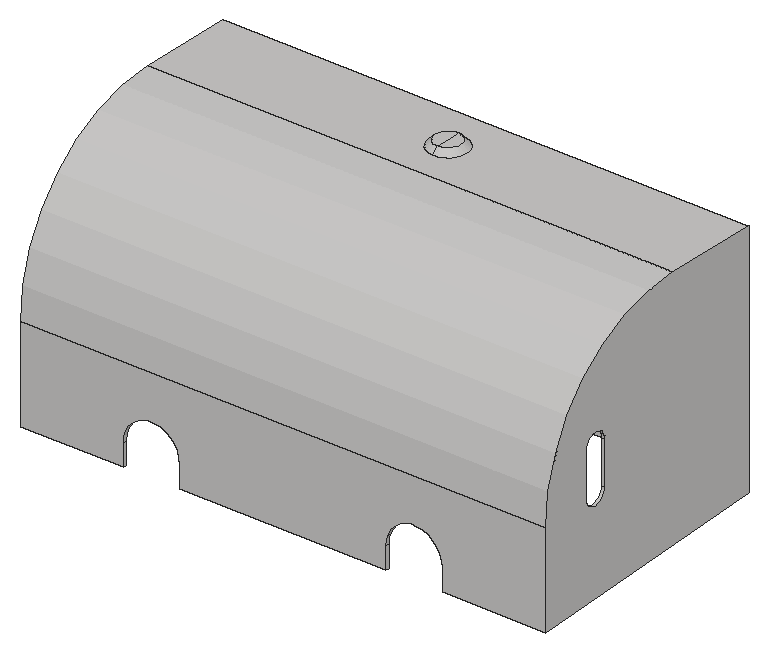
Revit family "Toilet Roll Dispenser_Metlam_Double_Cabinet_Arc", category Specialty Equipment, Revit 2016
Family settings
  Part Type = Normal
  Round Connector Dimension = Use Diameter
  OmniClass Number = 23.40.20.21.21
  OmniClass Title = Toilet Paper Dispensers
  Work Plane-Based = No
  Always vertical = Yes
  Cut with Voids When Loaded = No
  Shared = No
  Room Calculation Point = Yes
Parameters (values of type "280w x 135d x 135h (ML835_TRH)")
  URL = "http://www.metlam.com.au/"
  Type Comments = "Toilet Roll Dispensers"  # constant formula
  Model = "ML835_TRH"
  Material_ANZRS = z_Metlam_Metal_Stainless Steel_Satin
  Manufacturer_URL__Product Specific = "https://www.metlam.com.au/product/content/toilet-roll-dispensers/ML835_TRH"
  Manufacturer_Spec Code = Model  # "ML835_TRH"
  Manufacturer_Overall Width = 280 mm  # constant formula
  Manufacturer_Overall Height = 135 mm  # constant formula
  Manufacturer_Overall Depth = 135 mm  # constant formula
  Manufacturer_Height From FFL [instance] = 585 mm
  Manufacturer = "Metlam"  # constant formula
  Description = "Dual Lockable Toilet Roll Holder"
  CreatedBy_ANZRS = "IGS BIM Solutions"  # constant formula
  CreatedByURL_ANZRS = "http://www.igsgroup.com.au/"
  Assembly Code = ""
Reference planes
  plane 1 "Back": y = 0
  plane 2 "Ref. Level": z = 0
  plane 3 "Center (Left/Right)": x = 0
  plane 4 "Toilet Paper Dispenser Bottom": z = 585
  plane 5 "Right": x = 140
  plane 6 "Left": x = -140
  plane 7 "Front": y = -135
  plane 8 "Top": z = 720
Forms (mm)
  Extrusion 1, solid, material "z_Metlam_Metal_Stainless Steel_Satin" <- "Material_ANZRS"
    sketch origin (0, 0, 0) x (0, 1, 0) y (0, 0, 1)
      loop
        line (0, 720) -> (-50, 720)
        arc (-50, 720) -> (-110.104, 695.104) -> (-135, 635) r 85
        line (-135, 635) -> (-135, 585) -> (-133.4, 585.092) -> (-133.4, 635)
        arc (-133.4, 635) -> (-108.973, 693.973) -> (-50, 718.4) r 83.4
        line (-50, 718.4) -> (-1.6, 718.4) -> (-1.6, 592.663) -> (0, 592.755) -> (0, 720)
    from -140 to 140
  Extrusion 2, void
    sketch origin (0, -135, 0.505) x (-1, 0, 0) y (0, 0, 1)
      loop
        line (55, 583.695) -> (85, 583.695) -> (85, 596.329)
        arc (85, 596.329) -> (70, 611.329) -> (55, 596.329) r 15
        line (55, 596.329) -> (55, 583.695)
      loop
        line (-55, 583.995) -> (-55, 596.329)
        arc (-55, 596.329) -> (-70, 611.329) -> (-85, 596.329) r 15
        line (-85, 596.329) -> (-85, 583.995) -> (-55, 583.995)
    from -10.128 to 8.724
  Extrusion 3, void
    sketch origin (140, -10, -10) x (0, -1, 0) y (0, 0, 1)
      loop
        arc (85.663, 647.2) -> (91.913, 640.95) -> (98.163, 647.2) r 6.25
        line (98.163, 647.2) -> (98.163, 670.208)
        arc (98.163, 670.208) -> (91.913, 676.458) -> (85.663, 670.208) r 6.25
        line (85.663, 670.208) -> (85.663, 647.2)
    from 0 to 1.6
  Extrusion 4, void
    sketch origin (-140, -10, -10) x (0, -1, 0) y (0, 0, 1)
      loop
        arc (85.663, 647.2) -> (91.913, 640.95) -> (98.163, 647.2) r 6.25
        line (98.163, 647.2) -> (98.163, 670.208)
        arc (98.163, 670.208) -> (91.913, 676.458) -> (85.663, 670.208) r 6.25
        line (85.663, 670.208) -> (85.663, 647.2)
    from -1.6 to 0
  Extrusion 5, solid, material "z_Metlam_Metal_Stainless Steel_Satin" <- "Material_ANZRS"
    sketch origin (-140, 0, 0) x (0, -1, 0) y (0, 0, 1)
      loop
        line (0, 720) -> (0, 592.755) -> (135, 585) -> (135, 635)
        arc (135, 635) -> (110.104, 695.104) -> (50, 720) r 85
        line (50, 720) -> (0, 720)
    from 0 to -1.6
  Extrusion 6, solid, material "z_Metlam_Metal_Stainless Steel_Satin" <- "Material_ANZRS"
    sketch origin (140, 0, 0) x (0, -1, 0) y (0, 0, 1)
      loop
        line (0, 720) -> (0, 592.755) -> (135, 585) -> (135, 635)
        arc (135, 635) -> (110.104, 695.104) -> (50, 720) r 85
        line (50, 720) -> (0, 720)
    from 0 to 1.6
  Revolve 7, solid, material "z_Metlam_Metal_Stainless Steel_Satin" <- "Material_ANZRS", detail levels medium+fine
    sketch origin (0, 0, 0) x (0, 1, 0) y (0, 0, 1)
      loop
        line (-25, 720) -> (-15, 720) -> (-18, 723) -> (-25, 723) -> (-25, 720)
      axis (-25, 720) -> (-25, 723)
    angle from 0 to 360
Cuts and joins
  Extrusion 2, Extrusion 4 cuts Extrusion 1
  Extrusion 4 cuts Extrusion 5
  Extrusion 3 cuts Extrusion 6
  joined: Extrusion 1, Extrusion 5, Extrusion 6
Lines and regions (mm)
  Masking region 1
    outline origin (0, 0, 0) x (1, 0, 0) y (0, 1, 0)
      loop
        line (-140, 0) -> (-140, -135) -> (140, -135) -> (140, 0) -> (-140, 0)
  model lines, style "Bathroom Fixtures"
    curve 1: line (-140, 0, 592.755) -> (-140, -106.102, 698.856)
    curve 2: line (140, 0, 592.755) -> (140, -106.102, 698.856)
  symbolic lines, style "Bathroom Fixtures", detail levels medium+fine
    curve 3: circle (0, -25, 0) r 10 normal (0, 0, 1)
    curve 4: circle (0, -25, 0) r 7 normal (0, 0, 1)
Text (mm)
  text "> Contact Manufacturer to confirm feasibility of design variations outside the scope of this Revit Family\n\n\n\nDisclaimer:\n\nDue to ongoing product development and manufacturing evolution, product details are subject to change without notice. Please refer to product technical data sheets on the manufacturer’s website for the most current product information. Please allow a +/- 5mm manufacturing tolerance for dimensions and set-outs shown in product literature." at (222.38, 54.47, 0), in view "Ref. Level_Instruction"
Dimensions and locks
  "Manufacturer_Height From FFL": plane 4 "Toilet Paper Dispenser Bottom" to plane 2 "Ref. Level"
  "Manufacturer_Overall Depth": plane 7 "Front" to plane 1 "Back"
  "Manufacturer_Overall Width": plane 6 "Left" to plane 5 "Right"
  "Manufacturer_Overall Height": plane 8 "Top" to plane 4 "Toilet Paper Dispenser Bottom"
  equal spacing: plane 6 "Left", plane 3 "Center (Left/Right)", plane 5 "Right"
  aligned and locked: level to plane 2 "Ref. Level"
Automatic sketch dimensions
  plane 4 "Toilet Paper Dispenser Bottom" to Extrusion 2 sketch curve = 11.834 mm  (x2)
  plane 5 "Right" to Extrusion 2 sketch curve = 55 mm
  Extrusion 2 sketch curve to Extrusion 2 sketch curve = 15 mm  (x2)
  Extrusion 2 sketch curve to plane 4 "Toilet Paper Dispenser Bottom" = 0.8 mm
  Extrusion 2 sketch curve to plane 3 "Center (Left/Right)" = 55 mm
  Extrusion 2 sketch curve to plane 4 "Toilet Paper Dispenser Bottom" = 0.5 mm
  plane 7 "Front" to Extrusion 3 sketch curve = 39.337 mm
  Extrusion 3 sketch curve to Extrusion 3 sketch curve = 6.25 mm
  plane 4 "Toilet Paper Dispenser Bottom" to Extrusion 3 sketch curve = 52.2 mm
  Extrusion 3 sketch curve to Extrusion 3 sketch curve = 23.008 mm
  Masking region 1 sketch curve to plane 6 "Left" = 0 mm
  Masking region 1 sketch curve to plane 5 "Right" = 0 mm
  Masking region 1 sketch curve to plane 7 "Front" = 0 mm
  plane 1 "Back" to Masking region 1 sketch curve = 0 mm
  plane 7 "Front" to Extrusion 4 sketch curve = 39.337 mm
  Extrusion 4 sketch curve to Extrusion 4 sketch curve = 6.25 mm
  plane 4 "Toilet Paper Dispenser Bottom" to Extrusion 4 sketch curve = 52.2 mm
  Extrusion 4 sketch curve to Extrusion 4 sketch curve = 23.008 mm
  Extrusion 5 sketch curve to plane 1 "Back" = 0 mm
  Extrusion 5 sketch curve to plane 8 "Top" = 0 mm
  Extrusion 5 sketch curve to plane 7 "Front" = 0 mm
  Extrusion 5 sketch curve to plane 4 "Toilet Paper Dispenser Bottom" = 0 mm
  plane 1 "Back" to Extrusion 5 sketch curve = 50 mm
  plane 4 "Toilet Paper Dispenser Bottom" to Extrusion 5 sketch curve = 7.755 mm
  Extrusion 6 sketch curve to plane 1 "Back" = 0 mm
  Extrusion 6 sketch curve to plane 8 "Top" = 0 mm
  Extrusion 6 sketch curve to plane 7 "Front" = 0 mm
  Extrusion 6 sketch curve to plane 4 "Toilet Paper Dispenser Bottom" = 0 mm
  Extrusion 6 sketch curve to Extrusion 6 sketch curve = 50 mm
  plane 4 "Toilet Paper Dispenser Bottom" to Extrusion 6 sketch curve = 7.755 mm
  Extrusion 1 sketch curve to Extrusion 1 sketch curve = 0 mm  (x2)
  Extrusion 1 sketch curve to plane 4 "Toilet Paper Dispenser Bottom" = 0 mm
  Extrusion 1 sketch curve to plane 7 "Front" = 0 mm
  Extrusion 1 sketch curve to plane 8 "Top" = 0 mm
  Extrusion 1 sketch curve to plane 1 "Back" = 0 mm
  plane 4 "Toilet Paper Dispenser Bottom" to Extrusion 1 sketch curve = 0.092 mm
  plane 7 "Front" to Extrusion 1 sketch curve = 1.6 mm
  plane 1 "Back" to Extrusion 1 sketch curve = 50 mm
  plane 1 "Back" to Extrusion 1 sketch curve = 1.6 mm
  plane 4 "Toilet Paper Dispenser Bottom" to Extrusion 1 sketch curve = 7.663 mm
  Extrusion 1 sketch curve to Extrusion 1 sketch curve = 0.092 mm
  curve 1 to plane 1 "Back" = 0 mm
  plane 4 "Toilet Paper Dispenser Bottom" to curve 1 = 7.755 mm
  plane 7 "Front" to curve 1 = 28.898 mm
  curve 1 to plane 8 "Top" = 21.144 mm
  curve 2 to plane 1 "Back" = 0 mm
  plane 4 "Toilet Paper Dispenser Bottom" to curve 2 = 7.755 mm
  plane 7 "Front" to curve 2 = 28.898 mm
  curve 2 to plane 8 "Top" = 21.144 mm
  Revolve 7 sketch curve to plane 8 "Top" = 0 mm
  plane 1 "Back" to Revolve 7 sketch curve = 25 mm
  Revolve 7 sketch curve to Revolve 7 sketch curve = 0 mm
  Revolve 7 sketch curve to Revolve 7 sketch curve = 7 mm
  plane 8 "Top" to Revolve 7 sketch curve = 3 mm
  Revolve 7 sketch curve to Revolve 7 sketch curve = 3 mm
  Revolve 7 sketch curve to plane 8 "Top" = 5 mm
  Revolve 7 sketch curve to Revolve 7 sketch curve = 12 mm
  curve 3 to curve 4 = 0 mm  (x2)
  curve 4 to plane 3 "Center (Left/Right)" = 0 mm
  plane 1 "Back" to curve 4 = 25 mm
  radius of curve 4 = 7 mm
  radius of curve 3 = 10 mm
